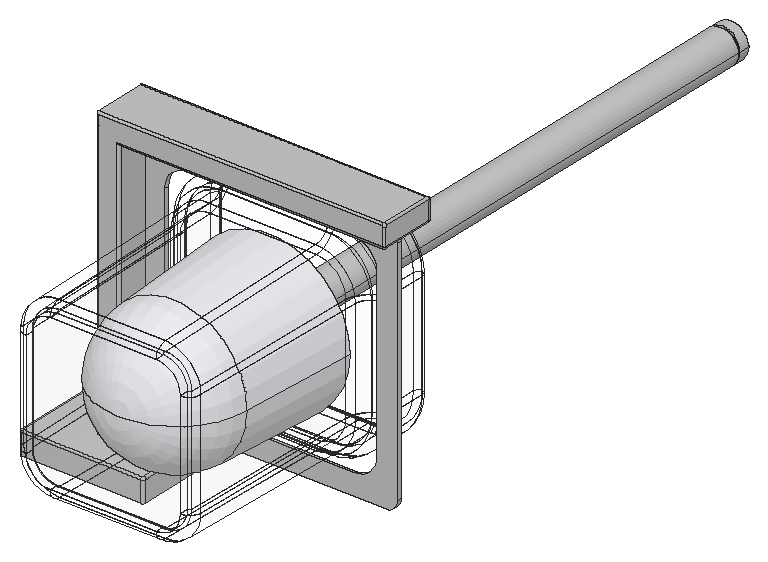
Revit family "PRD_FrankeWS_TltBrshHldrs_CUBUSToiletBrushHolder_CUBX005HP", category Specialty Equipment, host Face, Revit 2018
Family settings
  Host = Face
  Round Connector Dimension = Use Diameter
  Part Type = Normal
  OmniClass Number = 23.40.20.21
  OmniClass Title = Toilet and Bath Specialties
  Cut with Voids When Loaded = No
  Shared = No
  Room Calculation Point = No
Parameters (values of type "CUBX005HP")
  WarrantyStartDate [instance] = "1900-12-31T23:59:59"
  WarrantyGuarantorParts = "n/a"
  WarrantyGuarantorLabor = "n/a"
  WarrantyDurationUnit = "year"
  WarrantyDurationParts = "n/a"
  WarrantyDurationLabor = "n/a"
  WarrantyDescription = "n/a"
  Version = "1"
  Uniclass2015Version = "Products v1.17"
  Uniclass2015Title = "Toilet brush holders"
  Uniclass2015Code = "Pr_40_20_76_86"
  URL = "www.kwc.com"
  TypeOfMounting = "Wall mounting"
  TypeOfFixing = "Screw"
  TypeOfBrush = "Nylon"
  TagNumber [instance] = "n/a"
  SustainabilityPerformance = "n/a"
  Style = "Brush holder"
  Size = "147 x 340 x 135 mm"
  Shape = "n/a"
  SerialNumber [instance] = "n/a"
  Revision = "n/a"
  ReplacementCost = "n/a"
  ProductInformation = "https://pim.kwc.com/product/2000106353/attachment/datasheet?locale=en"
  NominalWidth = 147.00 mm
  NominalHeight = 340.00 mm
  NominalDepth = 135.00 mm
  NetWeight = 0.98 kg
  Name = "Toilet Brush Holder CUBX005HP"
  NBSTypeID = "n/a"
  NBSReference = "45-35-72/364"
  NBSOfficeMasterTag = "n/a"
  NBSNote = "n/a"
  NBSDescription = "Toilet brush holders"
  NBSCertification = "n/a"
  ModelReference = "CUBX005HP"
  ModelNumber = "2000106353"
  Model = ModelReference  # "CUBX005HP"
  MaterialCode = "1.4301"
  Material = "stainless steel"
  ManufacturerURL = "www.kwc.com"
  ManufacturerName = "KWC Group AG"  # constant formula
  Manufacturer = ManufacturerName  # "KWC Group AG"
  MainColor = "stainless steel"
  IsBuiltIn = "TRUE"
  IntegralAccessories = "incl. stainless steel screws and dowels"
  InstallationDate [instance] = "1900-12-31T23:59:59"
  IfcExportType = "USERDEFINED"
  IfcExportAs = "IfcFurnitureType"
  HolderMaterial = PRD_AR_StainlessSteel_HighPolished
  HandleMaterial = PRD_AR_StainlessSteel_HighPolished
  GrossWeight = 1.23 kg
  Grade = "n/a"
  Finish = "high polished"
  Features = "stainless steel, surface high polished"
  ExpectedLife = "n/a"
  DurationUnit = "year"
  Description = "Toilet brush holder for wall mounting, 304 stainless steel handle with nylon brush, square glass cup, square cover with drilled hole on bottom for fixation, inclusive stainless steel screws and dowels."
  Default Elevation = 100.00 mm
  CupMaterial = PRD_AR_FrostedGlass
  CreateOn = "05/2020"  # constant formula
  Constituents = "n/a"
  Color = "n/a"
  CodePerformance = "n/a"
  Category = "Pr_40_20_76_86, Toilet brush holders"
  BrushMaterial = PRD_AR_ToiletBrush
  BrushColour = "White"
  BarCode [instance] = "n/a"
  BIMObjectName = "PRD_AR_ToiletBrushHolders_CUBUSToiletBrushHolder_CUBX005HP"
  Author = "Archispace"  # constant formula
  AssetType = "Fixed"
  AssetIdentifier [instance] = "n/a"
  AccessibilityPerformance = "n/a"
Reference planes
  plane 1 "Center (Front/Back)": y = 0
  plane 2: z = 0
  plane 3 "Center (Left/Right)": x = 0
Forms (mm)
  Extrusion 1, solid, material "PRD_AR_StainlessSteel_HighPolished" <- "HolderMaterial", detail levels fine
    sketch origin (273, 0, 0) x (1, 0, 0) y (0, 1, 0)
      loop
        line (-300, 26) -> (-300, -26)
        arc (-300, -26) -> (-299.707, -26.707) -> (-299, -27) r 1
        line (-299, -27) -> (-247, -27)
        arc (-247, -27) -> (-246.293, -26.707) -> (-246, -26) r 1
        line (-246, -26) -> (-246, 26)
        arc (-246, 26) -> (-246.293, 26.707) -> (-247, 27) r 1
        line (-247, 27) -> (-299, 27)
        arc (-299, 27) -> (-299.707, 26.707) -> (-300, 26) r 1
    from 0 to 10
  Sweep 2, void
    path in 3D
      loop
        arc (-27, -26, 10) -> (-26.707, -26.707, 10) -> (-26, -27, 10) r 1
        line (-26, -27, 10) -> (26, -27, 10)
        arc (26, -27, 10) -> (26.707, -26.707, 10) -> (27, -26, 10) r 1
        line (27, -26, 10) -> (27, 26, 10)
        arc (27, 26, 10) -> (26.707, 26.707, 10) -> (26, 27, 10) r 1
        line (26, 27, 10) -> (-26, 27, 10)
        arc (-26, 27, 10) -> (-26.707, 26.707, 10) -> (-27, 26, 10) r 1
        line (-27, 26, 10) -> (-27, -26, 10)
    profile origin (-27, 0, 10) x (1, 0, 0) y (0, 0, 1)
      loop
        line (0, 0) -> (0, -0.9)
        arc (0, -0.9) -> (0.264, -0.264) -> (0.9, 0) r 0.9
        line (0.9, 0) -> (0, 0)
  Sweep 3, solid, material "PRD_AR_StainlessSteel_HighPolished" <- "HolderMaterial", detail levels fine
    path origin (273, 0, 0) x (1, 0, 0) y (0, 0, 1)
      loop
        line (-273, 10) -> (-273, 130) -> (-153, 130)
    profile origin (0, 0, 70) x (-1, 0, 0) y (0, -1, 0)
      loop
        line (5, -11.5) -> (5, 11.5)
        arc (5, 11.5) -> (4.707, 12.207) -> (4, 12.5) r 1
        line (4, 12.5) -> (-4, 12.5)
        arc (-4, 12.5) -> (-4.707, 12.207) -> (-5, 11.5) r 1
        line (-5, 11.5) -> (-5, -11.5)
        arc (-5, -11.5) -> (-4.707, -12.207) -> (-4, -12.5) r 1
        line (-4, -12.5) -> (4, -12.5)
        arc (4, -12.5) -> (4.707, -12.207) -> (5, -11.5) r 1
  Extrusion 4, void
    sketch origin (273, 0, 45) x (1, 0, 0) y (0, 0, 1)
      loop
        line (-278, 85) -> (-278, 84)
        arc (-278, 84) -> (-277.707, 84.707) -> (-277, 85) r 1
        line (-277, 85) -> (-278, 85)
    from -12.5 to 12.5
  Sweep 5, void
    path in 3D
      loop
        arc (120, -12.5, 126) -> (120, -12.207, 125.293) -> (120, -11.5, 125) r 1
        line (120, -11.5, 125) -> (120, 11.5, 125)
        arc (120, 11.5, 125) -> (120, 12.207, 125.293) -> (120, 12.5, 126) r 1
        line (120, 12.5, 126) -> (120, 12.5, 134)
        arc (120, 12.5, 134) -> (120, 12.207, 134.707) -> (120, 11.5, 135) r 1
        line (120, 11.5, 135) -> (120, -11.5, 135)
        arc (120, -11.5, 135) -> (120, -12.207, 134.707) -> (120, -12.5, 134) r 1
        line (120, -12.5, 134) -> (120, -12.5, 126)
    profile origin (120, -12.5, 130) x (1, 0, 0) y (0, 1, 0)
      loop
        line (0, 0) -> (0, 0.9)
        arc (0, 0.9) -> (-0.264, 0.264) -> (-0.9, 0) r 0.9
        line (-0.9, 0) -> (0, 0)
  Extrusion 6, solid, material "PRD_AR_StainlessSteel_HighPolished" <- "HolderMaterial", detail levels medium
    sketch origin (273, 0, 0) x (1, 0, 0) y (0, 1, 0)
      loop
        line (-300, 27) -> (-300, -27) -> (-246, -27) -> (-246, 27) -> (-300, 27)
    from 0 to 10
  Extrusion 7, solid, material "PRD_AR_StainlessSteel_HighPolished" <- "HolderMaterial", detail levels fine
    sketch origin (0, 0, 0) x (1, 0, 0) y (0, 0, 1)
      loop
        arc (5, 20) -> (6.464, 16.464) -> (10, 15) r 5
        line (10, 15) -> (110, 15)
        arc (110, 15) -> (113.536, 16.464) -> (115, 20) r 5
        line (115, 20) -> (115, 120)
        arc (115, 120) -> (113.536, 123.536) -> (110, 125) r 5
        line (110, 125) -> (10, 125)
        arc (10, 125) -> (6.464, 123.536) -> (5, 120) r 5
        line (5, 120) -> (5, 20)
      loop
        arc (14, 34) -> (16.929, 26.929) -> (24, 24) r 10
        line (24, 24) -> (96, 24)
        arc (96, 24) -> (103.071, 26.929) -> (106, 34) r 10
        line (106, 34) -> (106, 106)
        arc (106, 106) -> (103.071, 113.071) -> (96, 116) r 10
        line (96, 116) -> (24, 116)
        arc (24, 116) -> (16.929, 113.071) -> (14, 106) r 10
        line (14, 106) -> (14, 34)
    from -1 to -2.5
  Sweep 8, solid, material "PRD_AR_FrostedGlass" <- "CupMaterial", detail levels fine
    path origin (0, 0, 0) x (1, 0, 0) y (0, 0, 1)
      loop
        arc (35, 47) -> (35.586, 45.586) -> (37, 45) r 2
        line (37, 45) -> (83, 45)
        arc (83, 45) -> (84.414, 45.586) -> (85, 47) r 2
        line (85, 47) -> (85, 93)
        arc (85, 93) -> (84.414, 94.414) -> (83, 95) r 2
        line (83, 95) -> (37, 95)
        arc (37, 95) -> (35.586, 94.414) -> (35, 93) r 2
        line (35, 93) -> (35, 47)
    profile origin (35, 0, 70) x (-1, 0, 0) y (0, -1, 0)
      loop
        arc (21, -8) -> (20.154, -4.589) -> (17.813, -1.969) r 7.3
        arc (17.813, -1.969) -> (15.756, 0.312) -> (14.977, 3.283) r 6.5
        line (14.977, 3.283) -> (13.498, 85.09)
        arc (13.498, 85.09) -> (11.97, 88.599) -> (8.409, 89.999) r 5
        line (8.409, 89.999) -> (8.409, 85.996)
        arc (8.409, 85.996) -> (9.167, 85.744) -> (9.499, 85.018) r 1
        line (9.499, 85.018) -> (10.977, 3.211)
        arc (10.977, 3.211) -> (12.237, -1.588) -> (15.559, -5.274) r 10.5
        arc (15.559, -5.274) -> (16.618, -6.458) -> (17, -8) r 3.3
        line (17, -8) -> (17, -26)
        arc (17, -26) -> (17.586, -27.414) -> (19, -28) r 2
        arc (19, -28) -> (20.414, -27.414) -> (21, -26) r 2
        line (21, -26) -> (21, -8)
  Extrusion 9, solid, material "PRD_AR_FrostedGlass" <- "CupMaterial", detail levels fine
    sketch origin (0, 0, 0) x (1, 0, 0) y (0, 0, 1)
      loop
        line (26.591, 93) -> (26.591, 47)
        arc (26.591, 47) -> (29.64, 39.64) -> (37, 36.591) r 10.409
        line (37, 36.591) -> (83, 36.591)
        arc (83, 36.591) -> (90.36, 39.64) -> (93.409, 47) r 10.409
        line (93.409, 47) -> (93.409, 93)
        arc (93.409, 93) -> (90.36, 100.36) -> (83, 103.409) r 10.409
        line (83, 103.409) -> (37, 103.409)
        arc (37, 103.409) -> (29.64, 100.36) -> (26.591, 93) r 10.409
    from 86 to 89.999
  Revolve 10, solid, material "PRD_AR_StainlessSteel_HighPolished" <- "HolderMaterial", detail levels fine
    sketch origin (0, 0, 70) x (1, 0, 0) y (0, 1, 0)
      loop
        line (52.5, 10) -> (46, 10) -> (46, 0) -> (60, 0) -> (60, 250.5) -> (52.5, 250.5) -> (52.5, 246) -> (53.3, 246) -> (53.3, 245) -> (52.5, 245) -> (52.5, 10)
      axis (60, 250.5) -> (60, 0)
    angle from 0 to 360
  Revolve 11, solid, material "PRD_AR_ToiletBrush" <- "BrushMaterial", detail levels fine
    sketch origin (0, 0, 70) x (1, 0, 0) y (0, 1, 0)
      loop
        line (25.24, 0) -> (27.965, -52)
        arc (27.965, -52) -> (37.919, -73.59) -> (60, -82.4) r 32.079
        line (60, -82.4) -> (60, 0) -> (25.24, 0)
      axis (60, 0) -> (60, -82.4)
    angle from 0 to 360
  Sweep 12, solid, material "PRD_AR_StainlessSteel_HighPolished" <- "HolderMaterial", detail levels medium
    path origin (273, 0, 0) x (1, 0, 0) y (0, 0, 1)
      loop
        line (-273, 10) -> (-273, 130) -> (-153, 130)
    profile origin (0, 0, 70) x (-1, 0, 0) y (0, -1, 0)
      loop
        line (5, -12.5) -> (5, 12.5) -> (-5, 12.5) -> (-5, -12.5) -> (5, -12.5)
  Extrusion 13, solid, material "PRD_AR_FrostedGlass" <- "CupMaterial", detail levels medium
    sketch origin (0, 0, 0) x (1, 0, 0) y (0, 1, 0)
      loop
        line (106, 28) -> (14, 28) -> (14, -89.999) -> (106, -89.999) -> (106, 28)
    from 24 to 116
  Extrusion 14, solid, material "PRD_AR_StainlessSteel_HighPolished" <- "HandleMaterial", detail levels coarse+medium
    sketch origin (0, 0, 0) x (1, 0, 0) y (0, 0, 1)
      loop
        circle (60, 70) r 7.5
    from -250.5 to -28
  Extrusion 15, solid, material "PRD_AR_StainlessSteel_HighPolished" <- "HolderMaterial", detail levels coarse
    sketch origin (0, 0, 0) x (1, 0, 0) y (0, 1, 0)
      loop
        line (-27, 28) -> (-27, -89.999) -> (120, -89.999) -> (120, 28) -> (-27, 28)
    from 0 to 135
Cuts and joins
  Sweep 2 cuts Extrusion 1
  Extrusion 4, Sweep 5 cuts Sweep 3
Lines and regions (mm)
  sketch lines
    curve 1: line (-27, 26, 10) -> (-27, -26, 10)
    curve 2: arc (-27, 26, 10) -> (-26.707, 26.707, 10) -> (-26, 27, 10) r 1
    curve 3: line (26, 27, 10) -> (-26, 27, 10)
    curve 4: arc (26, 27, 10) -> (26.707, 26.707, 10) -> (27, 26, 10) r 1
    curve 5: line (27, -26, 10) -> (27, 26, 10)
    curve 6: arc (-26, -27, 10) -> (-26.707, -26.707, 10) -> (-27, -26, 10) r 1
    curve 7: line (-26, -27, 10) -> (26, -27, 10)
    curve 8: arc (27, -26, 10) -> (26.707, -26.707, 10) -> (26, -27, 10) r 1
    curve 9: line (120, -12.5, 134) -> (120, -12.5, 126)
    curve 10: arc (120, -12.5, 134) -> (120, -12.207, 134.707) -> (120, -11.5, 135) r 1
    curve 11: line (120, 11.5, 135) -> (120, -11.5, 135)
    curve 12: arc (120, 11.5, 135) -> (120, 12.207, 134.707) -> (120, 12.5, 134) r 1
    curve 13: line (120, 12.5, 126) -> (120, 12.5, 134)
    curve 14: arc (120, 12.5, 126) -> (120, 12.207, 125.293) -> (120, 11.5, 125) r 1
    curve 15: line (120, -11.5, 125) -> (120, 11.5, 125)
    curve 16: arc (120, -11.5, 125) -> (120, -12.207, 125.293) -> (120, -12.5, 126) r 1
Dimensions and locks
  aligned and locked: plane 2 to host face
  aligned and locked: level to host face
